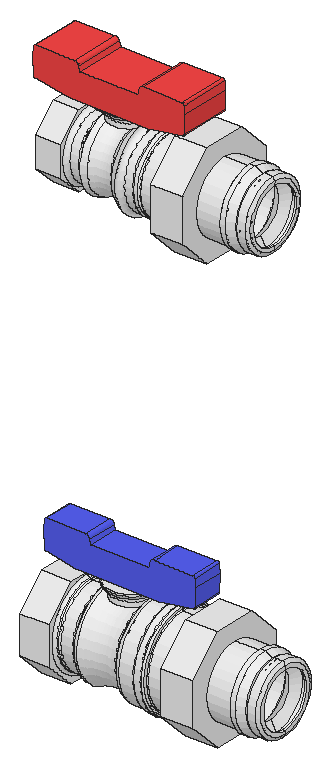
Revit family "R259KX006_07", category Generic Models, Revit 2018
Family settings
  Can host rebar = No
  Round Connector Dimension = Use Diameter
  Part Type = Normal
  Work Plane-Based = No
  Always vertical = Yes
  Cut with Voids When Loaded = No
  Shared = No
  Room Calculation Point = No
Parameters (values of type "R259KX006_3/4"F X 1"M")
  URL = "https://www.giacomini.com/en"
  Model = "R259KX006"
  Material = Giacomini Steel Red
  Manufacturer = "Giacomini S.p.A."  # constant formula
  Description = "Ball valve, with female-tail piece male threaded connections."  # constant formula
  DN = 19.1 mm
Types (3, lengths in mm): name | Model | Material | DN
  (no name) | "R259KX006" | Giacomini Steel Red | 19.1
  R259KX007_1" F X 1" M | "R259KX007" | Giacomini Steel Blue | 25.4
  R259KX006_3/4"F X 1"M | "R259KX006" | Giacomini Steel Red | 19.1
Reference planes
  plane 1 "Center (Front/Back)": y = 0
  plane 2: z = 0
  plane 3 "Center (Left/Right)": x = 0
  plane 4: z = 208
Forms (mm)
  Revolve 1, solid, material "Giacomini Stainless Steel"
    sketch origin (0, 0, 166.875) x (1, 0, 0) y (0, 0, 1)
      loop
        line (40.436, 53.143) -> (40.436, 54.815) -> (39.456, 56.568) -> (35.417, 56.568) -> (34.436, 54.868) -> (34.436, 56.018) -> (30.918, 57.968) -> (28.436, 57.968) -> (28.436, 56.46) -> (27.854, 57.043) -> (16.036, 57.077) -> (16.036, 53.143) -> (17.234, 53.143) -> (17.234, 56.074) -> (27.438, 56.044) -> (29.436, 54.046) -> (29.436, 56.968) -> (30.659, 56.968) -> (33.436, 55.429) -> (33.436, 51.136) -> (35.995, 55.568) -> (38.869, 55.568) -> (39.436, 54.554) -> (39.436, 53.143) -> (40.436, 53.143)
      axis (16.036, 40.018) -> (40.436, 40.018)
    angle from 0 to 360
  Revolve 2, solid, material "Giacomini Stainless Steel"
    sketch origin (0, 0, 166.875) x (1, 0, 0) y (0, 0, 1)
      loop
        arc (-45.88, 55.418) -> (-47.335, 55.885) -> (-48.246, 57.111) r 2.5
        line (-48.246, 57.111) -> (-48.246, 40.018) -> (0.739, 40.018) -> (0.739, 60.232) -> (-0.424, 59.07)
        arc (-0.424, 59.07) -> (-0.967, 58.309) -> (-1.855, 58.018) r 1.5
        line (-1.855, 58.018) -> (-9.683, 58.018)
        arc (-9.683, 58.018) -> (-10.094, 57.927) -> (-10.427, 57.672) r 0.97
        line (-10.427, 57.672) -> (-11.023, 58.268) -> (-12.827, 58.268)
        arc (-12.827, 58.268) -> (-13.332, 57.899) -> (-13.945, 57.768) r 1.5
        line (-13.945, 57.768) -> (-17.87, 57.768)
        arc (-17.87, 57.768) -> (-19.64, 58.499) -> (-20.373, 60.268) r 2.5
        line (-20.373, 60.268) -> (-23.42, 58.297) -> (-26.031, 55.935)
        spline (-26.031, 55.935) -> (-26.858, 55.665) -> (-27.705, 55.46) -> (-28.565, 55.325) -> (-29.434, 55.268) -> (-30.304, 55.291) -> (-31.169, 55.392) -> (-32.022, 55.568) -> (-32.858, 55.81) -> (-33.675, 56.111) -> (-34.472, 56.463) -> (-35.249, 56.857) -> (-36.006, 57.288)
        line (-36.006, 57.288) -> (-38.874, 58.036)
        arc (-38.874, 58.036) -> (-39.33, 56.56) -> (-40.567, 55.634) r 2.5
        arc (-40.567, 55.634) -> (-41.206, 55.473) -> (-41.863, 55.418) r 4
        line (-41.863, 55.418) -> (-45.88, 55.418)
      axis (-48.246, 40.018) -> (0.739, 40.018)
    angle from 0 to 360
  Extrusion 3, solid, material "Giacomini Steel Red"
    sketch origin (0, 0, 166.875) x (1, 0, 0) y (0, 0, 1)
      loop
        line (-45.924, 81.868) -> (-64.909, 81.868)
        arc (-64.909, 81.868) -> (-65.566, 81.596) -> (-65.839, 80.938) r 0.93
        line (-65.839, 80.938) -> (-66.123, 76.868) -> (-65.828, 68.402)
        arc (-65.828, 68.402) -> (-65.587, 67.821) -> (-65.007, 67.581) r 0.821
        line (-65.007, 67.581) -> (-51.002, 65.111)
        arc (-51.002, 65.111) -> (-49.618, 64.929) -> (-48.224, 64.868) r 16
        line (-48.224, 64.868) -> (-11.023, 64.868)
        arc (-11.023, 64.868) -> (-9.629, 64.929) -> (-8.245, 65.111) r 16
        line (-8.245, 65.111) -> (5.76, 67.581)
        arc (5.76, 67.581) -> (6.34, 67.821) -> (6.581, 68.402) r 0.821
        line (6.581, 68.402) -> (6.877, 76.868) -> (6.592, 80.938)
        arc (6.592, 80.938) -> (6.276, 81.6) -> (5.594, 81.868) r 1
        line (5.594, 81.868) -> (-13.139, 81.867)
        arc (-13.139, 81.867) -> (-14.432, 81.382) -> (-15.088, 80.168) r 1.967
        line (-15.088, 80.168) -> (-15.37, 77.868) -> (-43.49, 77.868) -> (-44.15, 80.172)
        arc (-44.15, 80.172) -> (-44.697, 81.376) -> (-45.924, 81.868) r 1.775
    from -11.97 to 12.137
  Revolve 4, solid, material "Giacomini Stainless Steel"
    sketch origin (0, 0, 166.875) x (1, 0, 0) y (0, 0, 1)
      loop
        line (-38.873, 60.322) -> (-38.873, 58.036) -> (-36.006, 57.288)
        arc (-36.006, 57.288) -> (-32.953, 55.832) -> (-29.623, 55.24) r 12.609
        line (-29.623, 55.24) -> (-29.623, 64.868) -> (-41.536, 64.868) -> (-41.536, 64.038)
        arc (-41.536, 64.038) -> (-41.204, 63.239) -> (-40.544, 62.68) r 1.842
        arc (-40.544, 62.68) -> (-39.333, 61.767) -> (-38.873, 60.322) r 2.5
      axis (-29.623, 64.868) -> (-29.623, 55.24)
    angle from 0 to 360
  Extrusion 5, solid, material "Giacomini Stainless Steel"
    sketch origin (0, 0, 166.875) x (0, 1, 0) y (0, 0, 1)
      loop
        line (-17.653, 32.656) -> (-7.312, 22.315) -> (7.312, 22.315) -> (17.653, 32.656) -> (17.653, 47.28) -> (7.312, 57.622) -> (-7.312, 57.622) -> (-17.653, 47.28) -> (-17.653, 32.656)
      loop
        circle (0, 39.907) r 17.093
    from -60.297 to -48.246
  Extrusion 6, solid, material "Giacomini Stainless Steel"
    sketch origin (0, 0, 166.875) x (0, 1, 0) y (0, 0, 1)
      loop
        line (-25, 29.775) -> (-10.355, 15.13) -> (10.355, 15.13) -> (25, 29.775) -> (25, 50.485) -> (10.355, 65.13) -> (-10.355, 65.13) -> (-25, 50.485) -> (-25, 29.775)
      loop
        circle (0, 40.018) r 17
    from 0.741 to 16.036
Dimensions and locks
  Extrusion 3 to Extrusion 3 = 24.107 mm
  aligned and locked: level to plane 2
Nested families
  nested 1: "R259KX007" at (5, 0, -40), type "R259KX007_Cold"
Connectors
  piping at (40.436, 0, 206.893), diameter 25.4
    settings: on Revolve 1, index 1, connector inside diameter 609.6 mm, connector length 0 mm, flow factor 0, pipe flow 0.0 L/s, pressure drop 0.0 Pa, fitting loss kfactor 0, connector angle 0.00°, fixture units 0, engagement length 0 mm, angle of deflection 0.00°, flow configuration 0, flow direction 2, fitting loss method 2, system type 7, joint type 0, gender type 0, connector reference index -1, connector utility 0, adjustable connector no, is connector primary yes, connector description ""
  piping at (45.436, 0, 0.018), diameter 25.4
    settings: on nested 1, index 2, connector inside diameter 609.6 mm, connector length 0 mm, flow factor 0, pipe flow 0.0 L/s, pressure drop 0.0 Pa, fitting loss kfactor 0, connector angle 0.00°, fixture units 0, engagement length 0 mm, angle of deflection 0.00°, flow configuration 0, flow direction 1, fitting loss method 2, system type 8, joint type 0, gender type 0, connector reference index -1, connector utility 0, adjustable connector no, is connector primary no, connector description ""
  piping at (-60.297, 0, 206.843), diameter 19.1, driven by "DN"
    settings: on Extrusion 5, index 3, connector inside diameter 609.6 mm, connector length 0 mm, flow factor 0, pipe flow 0.0 L/s, pressure drop 0.0 Pa, fitting loss kfactor 0, connector angle 0.00°, fixture units 0, engagement length 0 mm, angle of deflection 0.00°, flow configuration 0, flow direction 1, fitting loss method 2, system type 7, joint type 0, gender type 0, connector reference index -1, connector utility 0, adjustable connector no, is connector primary no, connector description ""
  piping at (-64.586, 0, -0.599), diameter 19.1, driven by "DN"
    settings: on nested 1, index 4, connector inside diameter 609.6 mm, connector length 0 mm, flow factor 0, pipe flow 0.0 L/s, pressure drop 0.0 Pa, fitting loss kfactor 0, connector angle 0.00°, fixture units 0, engagement length 0 mm, angle of deflection 0.00°, flow configuration 0, flow direction 2, fitting loss method 2, system type 8, joint type 0, gender type 0, connector reference index -1, connector utility 0, adjustable connector no, is connector primary no, connector description ""
Definition of nested family "R259KX007"
  Parameters (values of type "R259KX007_Hot")
    Model = "R259KX007"
    Material = none
    Manufacturer = "Giacomini"
  Types (3): name
    (no name)
    R259KX007_Cold
    R259KX007_Hot
  Reference planes
    plane 1 "Center (Front/Back)": y = 0
    plane 2: z = 0
    plane 3 "Center (Left/Right)": x = 0
    plane 4: x = 40.436
  Forms (mm)
    Revolve 1, solid
      sketch origin (0, 0, 0) x (1, 0, 0) y (0, 0, 1)
        loop
          line (40.436, 53.143) -> (40.436, 54.815) -> (39.456, 56.568) -> (35.417, 56.568) -> (34.436, 54.868) -> (34.436, 56.018) -> (30.918, 57.968) -> (28.436, 57.968) -> (28.436, 56.46) -> (27.854, 57.043) -> (16.036, 57.077) -> (16.036, 53.143) -> (17.234, 53.143) -> (17.234, 56.074) -> (27.438, 56.044) -> (29.436, 54.046) -> (29.436, 56.968) -> (30.659, 56.968) -> (33.436, 55.429) -> (33.436, 51.136) -> (35.995, 55.568) -> (38.869, 55.568) -> (39.436, 54.554) -> (39.436, 53.143) -> (40.436, 53.143)
        axis (16.036, 40.018) -> (40.436, 40.018)
      angle from 0 to 360
    Revolve 2, solid
      sketch origin (0, 0, 0) x (1, 0, 0) y (0, 0, 1)
        loop
          spline (-42.863, 61.268) -> (-41.519, 60.7) -> (-40.153, 60.187) -> (-38.765, 59.737) -> (-37.356, 59.359) -> (-35.928, 59.062) -> (-34.483, 58.854) -> (-33.029, 58.742) -> (-31.57, 58.729) -> (-30.113, 58.817) -> (-28.664, 59) -> (-27.231, 59.275) -> (-25.816, 59.634)
          line (-25.816, 59.634) -> (-24.532, 60.302) -> (-23.248, 61.984) -> (-21.46, 62.68) -> (-14.933, 62.68)
          arc (-14.933, 62.68) -> (-14.171, 62.885) -> (-13.613, 63.443) r 1.525
          line (-13.613, 63.443) -> (-10.894, 63.418) -> (-10.11, 63.418) -> (-9.31, 62.618) -> (-9.31, 61.667)
          arc (-9.31, 61.667) -> (-9.164, 61.314) -> (-8.811, 61.167) r 0.5
          line (-8.811, 61.167) -> (-1.81, 61.146) -> (-1.81, 59.968)
          arc (-1.81, 59.968) -> (-1.663, 59.615) -> (-1.31, 59.468) r 0.5
          line (-1.31, 59.468) -> (0.483, 59.468)
          arc (0.483, 59.468) -> (0.663, 59.846) -> (0.739, 60.257) r 1.615
          line (0.739, 60.257) -> (0.739, 40.018) -> (-55.246, 40.018) -> (-55.246, 61.17)
          arc (-55.246, 61.17) -> (-54.878, 60.158) -> (-53.947, 59.618) r 1.576
          arc (-53.947, 59.618) -> (-53.459, 59.578) -> (-52.985, 59.458) r 2.974
          arc (-52.985, 59.458) -> (-52.595, 59.279) -> (-52.171, 59.218) r 1.5
          line (-52.171, 59.218) -> (-46.484, 59.218)
          arc (-46.484, 59.218) -> (-45.91, 59.332) -> (-45.424, 59.658) r 1.5
          line (-45.424, 59.658) -> (-44.399, 60.682)
          arc (-44.399, 60.682) -> (-43.75, 61.116) -> (-42.984, 61.268) r 2
        axis (-55.246, 40.018) -> (0.739, 40.018)
      angle from 0 to 360
    Extrusion 3, solid, material <- "Material"
      sketch origin (-3.75, 0, 1.25) x (1, 0, 0) y (0, 0, 1)
        loop
          line (-45.924, 81.868) -> (-64.909, 81.868)
          arc (-64.909, 81.868) -> (-65.566, 81.596) -> (-65.839, 80.938) r 0.93
          line (-65.839, 80.938) -> (-66.123, 76.868) -> (-65.828, 68.402)
          arc (-65.828, 68.402) -> (-65.587, 67.821) -> (-65.007, 67.581) r 0.821
          line (-65.007, 67.581) -> (-51.002, 65.111)
          arc (-51.002, 65.111) -> (-49.618, 64.929) -> (-48.224, 64.868) r 16
          line (-48.224, 64.868) -> (-11.023, 64.868)
          arc (-11.023, 64.868) -> (-9.629, 64.929) -> (-8.245, 65.111) r 16
          line (-8.245, 65.111) -> (5.76, 67.581)
          arc (5.76, 67.581) -> (6.34, 67.821) -> (6.581, 68.402) r 0.821
          line (6.581, 68.402) -> (6.877, 76.868) -> (6.592, 80.938)
          arc (6.592, 80.938) -> (6.276, 81.6) -> (5.594, 81.868) r 1
          line (5.594, 81.868) -> (-13.139, 81.867)
          arc (-13.139, 81.867) -> (-14.432, 81.382) -> (-15.088, 80.168) r 1.967
          line (-15.088, 80.168) -> (-15.37, 77.868) -> (-43.49, 77.868) -> (-44.15, 80.172)
          arc (-44.15, 80.172) -> (-44.697, 81.376) -> (-45.924, 81.868) r 1.775
      from -7.278 to 7.096
    Revolve 4, solid
      sketch origin (-3.75, 0, 1.25) x (1, 0, 0) y (0, 0, 1)
        loop
          line (-38.873, 60.322) -> (-38.873, 58.036) -> (-36.006, 57.288)
          arc (-36.006, 57.288) -> (-32.953, 55.832) -> (-29.623, 55.24) r 12.609
          line (-29.623, 55.24) -> (-29.623, 64.868) -> (-41.536, 64.868) -> (-41.536, 64.038)
          arc (-41.536, 64.038) -> (-41.204, 63.239) -> (-40.544, 62.68) r 1.842
          arc (-40.544, 62.68) -> (-39.333, 61.767) -> (-38.873, 60.322) r 2.5
        axis (-29.623, 64.868) -> (-29.623, 55.24)
      angle from 0 to 360
    Extrusion 5, solid
      sketch origin (0, 0, 0) x (0, 1, 0) y (0, 0, 1)
        loop
          line (-25, 29.775) -> (-10.355, 15.13) -> (10.355, 15.13) -> (25, 29.775) -> (25, 50.485) -> (10.355, 65.13) -> (-10.355, 65.13) -> (-25, 50.485) -> (-25, 29.775)
        loop
          circle (0, 40.018) r 17
      from 0.741 to 16.036
    Extrusion 6, solid
      sketch origin (0, 0, 0) x (0, 1, 0) y (0, 0, 1)
        loop
          line (-22, 30.095) -> (-9.113, 17.208) -> (9.113, 17.208) -> (22, 30.095) -> (22, 48.32) -> (9.113, 61.208) -> (-9.113, 61.208) -> (-22, 48.32) -> (-22, 30.095)
        loop
          circle (0, 39.401) r 20
      from -69.586 to -55.246
  Dimensions and locks
    Extrusion 3 to Extrusion 3 = 14.374 mm
    aligned and locked: level to plane 2
